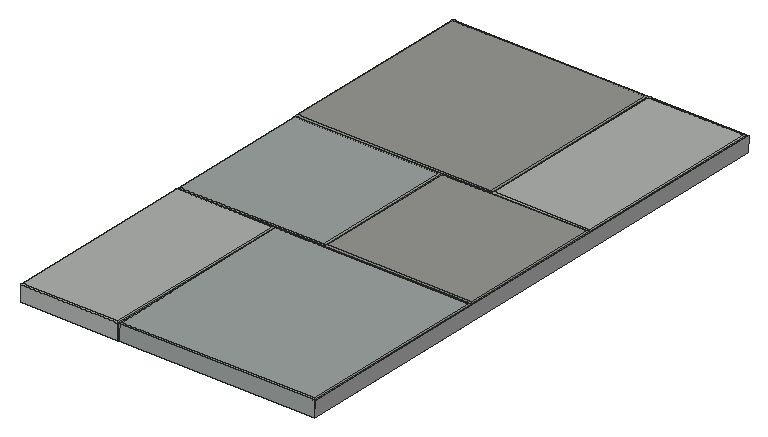
Revit family "Paver-Assembly-Calarc_Pavers-Stepstone-Small-Ashlar_Pattern-4", category Site, Revit 2019
Family settings
  Round Connector Dimension = Use Diameter
  Part Type = Normal
  Work Plane-Based = No
  Always vertical = Yes
  Cut with Voids When Loaded = No
  Shared = No
Parameters (values of type "1800 Color Option 3")
  URL = "stepstoneinc.com"
  Surface Finish = "Integral"  # constant formula
  Subcategory = "CalArc Pavers"  # constant formula
  Revit Object Download Link = "http://library.smartbim.com/download/Paver-Assembly-Calarc_Pavers-Stepstone-Small-Ashlar_Pattern-4"
  Product Page URL = "http://www.stepstoneinc.com/pavers-calarc-sizes.php"
  Paver C Pattern = Concrete - Stepstone - French1804
  Paver Block C = yes
  Paver Block B1 = yes
  Paver Block B = no
  Paver Block A = no
  Paver B Pattern = Concrete - Stepstone - Porcelain1813
  Paver A Pattern = Concrete - Stepstone - Granada1801
  Model = "Small Ashlar Pattern"  # constant formula
  Manufacturer Toll Free Phone = "800.572.9029"  # constant formula
  Manufacturer Phone = "310.327.7474"  # constant formula
  Manufacturer Fax = "310.217.1424"  # constant formula
  Manufacturer Email = "mailto:sales@stepstoneinc.com"
  Manufacturer Address = "13242 S Figueroa St, Los Angeles 90061"  # constant formula
  Manufacturer = "Stepstone, Inc"  # constant formula
  Description = "Small Ashlar Pattern Guide"  # constant formula
  95 CSI = ""
  04 CSI = ""
Types (8): name | Paver C Pattern | Paver Block C | Paver Block B1 | Paver Block B | Paver Block A | Paver B Pattern | Paver A Pattern
  (no name) | Concrete - Stepstone - Granada1801 | no | yes | yes | yes | Concrete - Stepstone - Granada1801 | Concrete - Stepstone - Almond1806
  1800 Color Option 1 | Concrete - Stepstone - Granada1801 | no | yes | yes | yes | Concrete - Stepstone - Granada1801 | Concrete - Stepstone - Almond1806
  1800 Color Option 2 | Concrete - Stepstone - Almond1806 | no | yes | yes | yes | Concrete - Stepstone - Almond1806 | Concrete - Stepstone - Kona1821
  1800 Color Option 3 | Concrete - Stepstone - French1804 | yes | yes | no | no | Concrete - Stepstone - Porcelain1813 | Concrete - Stepstone - Granada1801
  1800 Color Option 4 | Concrete - Stepstone - Granada1801 | yes | yes | no | no | Concrete - Stepstone - Kona1821 | Concrete - Stepstone - Pebble 1824
  1400 Color Option 1 | Concrete - Stepstone - Caramel1410 | yes | yes | no | no | Concrete - Stepstone - Granada1401 | Concrete - Stepstone - Kona1421
  1400 Color Option 2 | Concrete - Stepstone - Almond1406 | no | no | yes | yes | Concrete - Stepstone - Almond1406 | Concrete - Stepstone - Cafe1407
  1400 Color Option 3 | Concrete - Stepstone - Almond1406 | no | no | yes | yes | Concrete - Stepstone - Almond1406 | Concrete - Stepstone - Brick1416
Reference planes (in)
  plane 1 "Center (Front/Back)": y = 0
  plane 2: z = 0
  plane 3 "Center (Left/Right)": x = 0
  plane 4: y = 32.40804
  plane 5: y = -33.77946
  plane 6: x = -18.08545
  plane 7: x = 18.03955
Forms (in)
  Extrusion 1, solid, material "Grout - Dark Gray"
    sketch origin (1.97705, 0, 0) x (1, 0, 0) y (0, 0, 1)
      loop
        line (4, 0) -> (4.0459, 1.87815) -> (3.8916, 1.87815) -> (3.9375, 0) -> (4, 0)
    from -32.34554 to -8.34554
  Extrusion 2, solid, material "Grout - Dark Gray"
    sketch origin (1.97705, 0, 0) x (1, 0, 0) y (0, 0, 1)
      loop
        line (-1.9541, 1.87815) -> (-2.1084, 1.87815) -> (-2.0625, 0) -> (-2, 0) -> (-1.9541, 1.87815)
    from -8.28304 to 9.71696
  Extrusion 3, solid, material "Grout - Dark Gray"
    sketch origin (1.97705, 0, 0) x (1, 0, 0) y (0, 0, 1)
      loop
        line (-8, 0) -> (-7.9541, 1.87815) -> (-8.1084, 1.87815) -> (-8.0625, 0) -> (-8, 0)
    from 9.77946 to 33.77946
  Extrusion 4, solid, material "Grout - Dark Gray"
    sketch origin (1.97705, 0, 0) x (0, 1, 0) y (0, 0, 1)
      loop
        line (8.23713, 1.87815) -> (8.28304, 0) -> (8.34554, 0) -> (8.39144, 1.87815) -> (8.23713, 1.87815)
      loop
        line (-9.82537, 1.87815) -> (-9.77946, 0) -> (-9.71696, 0) -> (-9.67106, 1.87815) -> (-9.82537, 1.87815)
    from -20.0625 to 16
  Extrusion 5, solid, material "Grout - Dark Gray"
    sketch origin (1.97705, 0, 0) x (1, 0, 0) y (0, 0, 1)
      loop
        line (15.9541, 1.87815) -> (16, 0) -> (16.0625, 0) -> (16.1084, 1.87815) -> (15.9541, 1.87815)
    from -32.34554 to 33.77946
  Extrusion 6, solid, material "Grout - Dark Gray"
    sketch origin (1.97705, 0, 0) x (0, 1, 0) y (0, 0, 1)
      loop
        line (32.34554, 0) -> (32.40804, 0) -> (32.45394, 1.87815) -> (32.29963, 1.87815) -> (32.34554, 0)
    from -20.0625 to 16
  Blend 7, solid, material "Grout - Dark Gray"
    base sketch origin (1.97705, 0, 0) x (1, 0, 0) y (0, 1, 0)
      loop
        line (16, 32.34554) -> (16.0625, 32.34554) -> (16.0625, 32.40804) -> (16, 32.40804) -> (16, 32.34554)
    top sketch origin (1.97705, 0, 0) x (1, 0, 0) y (0, 1, 0)
      loop
        line (16, 32.34554) -> (16.1084, 32.34554) -> (16.1084, 32.45394) -> (16, 32.45394) -> (16, 32.34554)
    from 0 to 1.87815
Cuts and joins
  joined: Extrusion 1, Extrusion 2, Extrusion 3, Extrusion 4, Extrusion 5, Extrusion 6, Blend 7
Dimensions and locks (in)
  aligned and locked: plane 2 to level
  aligned and locked: Extrusion 4 to nested 1
  aligned and locked: nested 1 to Extrusion 6
Nested families (in)
  nested 1: "Paver-Stepstone-CalArc-12x24x2" at (11.97705, 20.34554, 0) x (0, 1, 0) z (0, 0, 1), Unit <- "Paver B Pattern", type "Standard"
    with Unit Concrete - Stepstone - Porcelain1813
  nested 2: "Paver-Large_Scale-Stepstone-CalArc-18X18X2" at (8.97705, -0.71696, 0), Unit <- "Paver A Pattern", type "Standard"
    with Unit Concrete - Stepstone - Granada1801
  nested 3: "Paver-Large_Scale-Stepstone-CalArc-24X24X2" at (5.97705, -21.77946, 0), Unit <- "Paver B Pattern", type "Standard 2"
    with Unit Concrete - Stepstone - Porcelain1813
  nested 4: "Paver-Stepstone-CalArc-12x24x2" at (-12.08545, -21.77946, 0) x (0, 1, 0) z (0, 0, 1), Unit <- "Paver A Pattern", type "Standard 2"
    with Unit Concrete - Stepstone - Granada1801
  nested 5: "Paver-Large_Scale-Stepstone-CalArc-18X18X2" at (-9.08545, -0.71696, 0), Unit <- "Paver B Pattern", type "Standard 2"
    with Unit Concrete - Stepstone - Porcelain1813
  nested 6: "Paver-Large_Scale-Stepstone-CalArc-24X24X2" at (-6.08545, 20.34554, 0), Unit <- "Paver A Pattern", type "Standard"
    with Unit Concrete - Stepstone - Granada1801
  nested 7: "Paver-Large_Scale-Stepstone-CalArc-24X24X2" at (5.97705, -21.77946, 0), Unit <- "Paver C Pattern", type "Standard 3"
    with Unit Concrete - Stepstone - French1804
  nested 8: "Paver-Stepstone-CalArc-12x24x2" at (-12.08545, -21.77946, 0) x (0, 1, 0) z (0, 0, 1), Unit <- "Paver B Pattern", type "Standard 3"
    with Unit Concrete - Stepstone - Porcelain1813
  nested 9: "Paver-Large_Scale-Stepstone-CalArc-18X18X2" at (-9.08545, -0.71696, 0), Unit <- "Paver C Pattern", type "Standard 3"
    with Unit Concrete - Stepstone - French1804
Definition of nested family "Paver-Stepstone-CalArc-12x24x2"
  Parameters
    ecoScorecard data = ""
    ecoScorecard Product Page = ""
    Weight = 0.056 kip  # constant formula
    Warranty = "5 Year Limited"  # constant formula
    Unit [instance] = none
    URL = "stepstoneinc.com"
    Thickness = 2"  # constant formula
    Texture = "Sandblast"  # constant formula
    Technical Information = "http://www.stepstoneinc.com/docs/Stepstone_Product_Data_Sheet-California_Architectual_(CalArc)_Paver.pdf"
    Surface Finish = "Painted"  # constant formula
    Subcategory = "CalArc"  # constant formula
    Revit Object Download Link = "http://library.smartbim.com/download/Paver-Stepstone-CalArc-12x24x2"
    Product Page URL = "http://www.stepstoneinc.com/calarc-pavers.php"
    Product Name = "Large Scale CalArc Paver"  # constant formula
    Product Line = "Pavers"  # constant formula
    Paver Visibility = yes
    Nominal Width = 24"  # constant formula
    Nominal Length = 12"  # constant formula
    Model = "12In x 24In x 2In"  # constant formula
    Material = "Precast Concrete"  # constant formula
    Manufacturer Toll Free Phone = "800.572.9029"  # constant formula
    Manufacturer Phone = "310.327.7474"  # constant formula
    Manufacturer Fax = "310.217.1424"  # constant formula
    Manufacturer Email = "mailto:sales@stepstoneinc.com"
    Manufacturer Address = "13249 S Figueroa St, Los Angeles 90061"  # constant formula
    Manufacturer = "Stepstone, Inc"  # constant formula
    Maintenance URL = ""
    Installation URL = ""
    Description = "Precast Concrete Paver"  # constant formula
    Cost Info = ""
    Color Availability = "Standard & Custom"  # constant formula
    95 CSI = ""
    04 CSI = ""
  Reference planes (in)
    plane 1 "Center Front/Back": y = 0
    plane 2: z = 0
    plane 3 "Center Left/Right": x = 0
    plane 4: x = -12
    plane 5: x = 12
    plane 6: y = 6
    plane 7: y = -6
    plane 8: z = 2
  Dimensions and locks (in)
    equal spacing: plane 4, plane 3 "Center Left/Right", plane 5
    "Nominal Width": plane 4 to plane 5
    equal spacing: plane 7, plane 1 "Center Front/Back", plane 6
    "Nominal Length": plane 6 to plane 7
    plane 5 to plane 4 = 24"
    plane 6 to plane 7 = 12"
    "Thickness": plane 8 to level
    aligned and locked: level to plane 2
    aligned and locked: plane 3 "Center Left/Right" to nested 1
    aligned and locked: plane 1 "Center Front/Back" to nested 1
  Nested families (in)
    nested 1: "12X24X2" at (0, 0, 0), visible <- "Paver Visibility", type "12X24X2"
  Definition of nested family "12X24X2"
    Parameters
      Width = 24"
      Unit = none
      Depth = 12"
    Reference planes (in)
      plane 1 "Center (Front/Back)": y = 0
      plane 2: z = 0
      plane 3 "Center (Left/Right)": x = 0
      plane 4: x = -12
      plane 5: x = 12
      plane 6: y = 6
      plane 7: y = -6
    Forms (in)
      Sweep 1, solid, material <- "Unit"
        path origin (0, 0, 0) x (1, 0, 0) y (0, 1, 0)
          loop
            line (-12, 6) -> (-12, -6) -> (12, -6) -> (12, 6) -> (-12, 6)
        profile origin (0, 6, 0) x (0, 1, 0) y (0, 0, 1)
          loop
            line (0, 0) -> (-0.0459, 1.87815)
            arc (-0.0459, 1.87815) -> (-0.08353, 1.96449) -> (-0.17076, 2) r 0.1249
            line (-0.17076, 2) -> (-0.26501, 2) -> (-0.26501, 0) -> (0, 0)
      Extrusion 2, solid, material <- "Unit"
        sketch origin (0, 0, 0) x (1, 0, 0) y (0, 1, 0)
          loop
            line (-11.73499, 5.73499) -> (-11.73499, -5.73499) -> (11.73499, -5.73499) -> (11.73499, 5.73499) -> (-11.73499, 5.73499)
        from 0 to 2
    Cuts and joins
      joined: Sweep 1, Extrusion 2
    Dimensions and locks (in)
      equal spacing: plane 6, plane 1 "Center (Front/Back)", plane 7
      equal spacing: plane 4, plane 3 "Center (Left/Right)", plane 5
      "Width": plane 5 to plane 4
      "Depth": plane 6 to plane 7
      aligned and locked: plane 2 to level
    Automatic sketch dimensions
      plane 4 to Sweep 1 sketch curve = 0"
      Sweep 1 sketch curve to plane 5 = 0"
      plane 7 to Sweep 1 sketch curve = 0"
      Sweep 1 sketch curve to plane 6 = 0"
      plane 4 to Extrusion 2 sketch curve = 0.26501"
      Extrusion 2 sketch curve to plane 5 = 0.26501"
      plane 7 to Extrusion 2 sketch curve = 0.26501"
      Extrusion 2 sketch curve to plane 6 = 0.26501"
      Sweep 1 sketch curve to level = 0"
      Sweep 1 sketch curve to profile plane = 0"
      profile plane to Sweep 1 sketch curve = 0.0459"
      Sweep 1 sketch curve to Sweep 1 sketch curve = 0.12486"
      Sweep 1 sketch curve to Sweep 1 sketch curve = 0.09425"
      level to Sweep 1 sketch curve = 1.8751"
      Sweep 1 sketch curve to Sweep 1 sketch curve = 0.00305"
Definition of nested family "Paver-Large_Scale-Stepstone-CalArc-18X18X2"
  Parameters
    ecoScorecard data = ""
    ecoScorecard Product Page = ""
    Weight = 0.05 kip  # constant formula
    Warranty = "5 Year Limited"  # constant formula
    Unit [instance] = none
    URL = "stepstoneinc.com"
    Thickness = 2"  # constant formula
    Texture = "Sandblast"  # constant formula
    Technical Information = "http://www.stepstoneinc.com/docs/Stepstone_Product_Data_Sheet-Large_Scale_Narrow_Modular_Paver.pdf"
    Surface Finish = "Painted"  # constant formula
    Subcategory = "CalArc"  # constant formula
    Revit Object Download Link = "http://library.smartbim.com/download/Paver-Large_Scale-Stepstone-CalArc-18X18X2"
    Product Page URL = "http://www.stepstoneinc.com/calarc-pavers.php"
    Product Name = "Large Scale CalArc Paver"  # constant formula
    Product Line = "Pavers"  # constant formula
    Paver Visibility = yes
    Nominal Width = 18"  # constant formula
    Nominal Length = 18"  # constant formula
    Model = "18In x 18In x 2In"  # constant formula
    Material = "Precast Concrete"  # constant formula
    Manufacturer Toll Free Phone = "800.572.9029"  # constant formula
    Manufacturer Phone = "310.327.7474"  # constant formula
    Manufacturer Fax = "310.217.1424"  # constant formula
    Manufacturer Email = "mailto:sales@stepstoneinc.com"
    Manufacturer Address = "13251 S Figueroa St, Los Angeles 90061"  # constant formula
    Manufacturer = "Stepstone, Inc"  # constant formula
    Maintenance URL = ""
    Installation URL = ""
    Description = "Precast Concrete Paver"  # constant formula
    Cost Info = ""
    Color Availability = "Standard & Custom"  # constant formula
    95 CSI = ""
    04 CSI = ""
  Reference planes (in)
    plane 1 "Center Front/Back": y = 0
    plane 2: z = 0
    plane 3 "Center Left/Right": x = 0
    plane 4: x = -9
    plane 5: x = 9
    plane 6: y = 9
    plane 7: y = -9
    plane 8: z = 2
  Dimensions and locks (in)
    equal spacing: plane 4, plane 3 "Center Left/Right", plane 5
    "Nominal Width": plane 4 to plane 5
    equal spacing: plane 7, plane 1 "Center Front/Back", plane 6
    "Nominal Length": plane 6 to plane 7
    plane 5 to plane 4 = 18"
    plane 6 to plane 7 = 18"
    plane 8 to level = 2"
    aligned and locked: level to plane 2
    aligned and locked: plane 3 "Center Left/Right" to nested 1
    aligned and locked: plane 1 "Center Front/Back" to nested 1
  Nested families (in)
    nested 1: "18X18X2" at (0, 0, 0), visible <- "Paver Visibility", type "18X18X2"
  Definition of nested family "18X18X2"
    Parameters
      Width = 18"
      Unit = none
      Thickness = 2"
      Depth = 18"
    Reference planes (in)
      plane 1 "Center (Front/Back)": y = 0
      plane 2: z = 0
      plane 3 "Center (Left/Right)": x = 0
      plane 4: x = -9
      plane 5: x = 9
      plane 6: y = 9
      plane 7: y = -9
      plane 8: z = 2
    Forms (in)
      Sweep 1, solid, material <- "Unit"
        path origin (0, 0, 0) x (1, 0, 0) y (0, 1, 0)
          loop
            line (-9, 9) -> (-9, -9) -> (9, -9) -> (9, 9) -> (-9, 9)
        profile origin (0, 9, 0) x (0, 1, 0) y (0, 0, 1)
          loop
            line (0, 0) -> (-0.0459, 1.87815)
            arc (-0.0459, 1.87815) -> (-0.08353, 1.96449) -> (-0.17076, 2) r 0.1249
            line (-0.17076, 2) -> (-0.27723, 2) -> (-0.27723, 0) -> (0, 0)
      Extrusion 2, solid, material <- "Unit"
        sketch origin (0, 0, 0) x (1, 0, 0) y (0, 1, 0)
          loop
            line (-8.72277, 8.72277) -> (-8.72277, -8.72277) -> (8.72277, -8.72277) -> (8.72277, 8.72277) -> (-8.72277, 8.72277)
        from 0 to 2
    Cuts and joins
      joined: Sweep 1, Extrusion 2
    Dimensions and locks (in)
      equal spacing: plane 6, plane 1 "Center (Front/Back)", plane 7
      equal spacing: plane 4, plane 3 "Center (Left/Right)", plane 5
      "Width": plane 5 to plane 4
      "Depth": plane 6 to plane 7
      "Thickness": plane 8 to level
      aligned and locked: plane 2 to level
      aligned and locked: Sweep 1 sketch curve to plane 8
    Automatic sketch dimensions
      plane 4 to Sweep 1 sketch curve = 0"
      Sweep 1 sketch curve to plane 5 = 0"
      plane 7 to Sweep 1 sketch curve = 0"
      Sweep 1 sketch curve to plane 6 = 0"
      plane 4 to Extrusion 2 sketch curve = 0.27723"
      Extrusion 2 sketch curve to plane 5 = 0.27723"
      plane 7 to Extrusion 2 sketch curve = 0.27723"
      Extrusion 2 sketch curve to plane 6 = 0.27723"
      Sweep 1 sketch curve to level = 0"
      Sweep 1 sketch curve to profile plane = 0"
      profile plane to Sweep 1 sketch curve = 0.0459"
      Sweep 1 sketch curve to Sweep 1 sketch curve = 0.12486"
      Sweep 1 sketch curve to Sweep 1 sketch curve = 0.10647"
      Sweep 1 sketch curve to Sweep 1 sketch curve = 0.00305"
Definition of nested family "Paver-Large_Scale-Stepstone-CalArc-24X24X2"
  Parameters
    ecoScorecard data = ""
    ecoScorecard Product Page = ""
    Weight = 0.088 kip  # constant formula
    Warranty = "5 Year Limited"  # constant formula
    Unit [instance] = none
    URL = "stepstoneinc.com"
    Thickness = 2"  # constant formula
    Texture = "Sandblast"  # constant formula
    Technical Information = "http://www.stepstoneinc.com/docs/Stepstone_Product_Data_Sheet-Large_Scale_Narrow_Modular_Paver.pdf"
    Surface Finish = "Painted"  # constant formula
    Subcategory = "Large Scale CalArc"  # constant formula
    Revit Object Download Link = "http://library.smartbim.com/download/Paver-Large_Scale-Stepstone-CalArc-24X24X2"
    Product Page URL = "http://www.stepstoneinc.com/large-scale-narrow-modular-pavers.php"
    Product Name = "Large Scale CalArc Paver"  # constant formula
    Product Line = "Pavers"  # constant formula
    Paver Visibility = yes
    Nominal Width = 24"  # constant formula
    Nominal Length = 24"  # constant formula
    Model = "24In x 24In x 2In"  # constant formula
    Material = "Precast Concrete"  # constant formula
    Manufacturer Toll Free Phone = "800.572.9029"  # constant formula
    Manufacturer Phone = "310.327.7474"  # constant formula
    Manufacturer Fax = "310.217.1424"  # constant formula
    Manufacturer Email = "mailto:sales@stepstoneinc.com"
    Manufacturer Address = "13254 S Figueroa St, Los Angeles 90061"  # constant formula
    Manufacturer = "Stepstone, Inc"  # constant formula
    Maintenance URL = ""
    Installation URL = ""
    Description = "Precast Concrete Paver"  # constant formula
    Cost Info = ""
    Color Availability = "Standard & Custom"  # constant formula
    95 CSI = ""
    04 CSI = ""
  Reference planes (in)
    plane 1 "Center Front/Back": y = 0
    plane 2: z = 0
    plane 3 "Center Left/Right": x = 0
    plane 4: x = -12
    plane 5: x = 12
    plane 6: y = 12
    plane 7: y = -12
    plane 8: z = 2
  Dimensions and locks (in)
    equal spacing: plane 4, plane 3 "Center Left/Right", plane 5
    "Nominal Width": plane 4 to plane 5
    equal spacing: plane 7, plane 1 "Center Front/Back", plane 6
    "Nominal Length": plane 6 to plane 7
    plane 5 to plane 4 = 24"
    plane 6 to plane 7 = 24"
    plane 8 to level = 2"
    aligned and locked: level to plane 2
    aligned and locked: plane 3 "Center Left/Right" to nested 1
    aligned and locked: plane 1 "Center Front/Back" to nested 1
  Nested families (in)
    nested 1: "24X24X2" at (0, 0, 0), visible <- "Paver Visibility", type "24X24X2"
  Definition of nested family "24X24X2"
    Parameters
      Width = 24"
      Unit = none
      Thickness = 2"
      Depth = 24"
    Reference planes (in)
      plane 1 "Center (Front/Back)": y = 0
      plane 2: z = 0
      plane 3 "Center (Left/Right)": x = 0
      plane 4: x = -12
      plane 5: x = 12
      plane 6: y = 12
      plane 7: y = -12
      plane 8: z = 2
    Forms (in)
      Sweep 1, solid, material <- "Unit"
        path origin (0, 0, 0) x (1, 0, 0) y (0, 1, 0)
          loop
            line (-12, 12) -> (-12, -12) -> (12, -12) -> (12, 12) -> (-12, 12)
        profile origin (0, 12, 0) x (0, 1, 0) y (0, 0, 1)
          loop
            line (0, 0) -> (-0.0459, 1.87815)
            arc (-0.0459, 1.87815) -> (-0.08353, 1.96449) -> (-0.17076, 2) r 0.1249
            line (-0.17076, 2) -> (-0.27723, 2) -> (-0.27723, 0) -> (0, 0)
      Extrusion 2, solid, material <- "Unit"
        sketch origin (0, 0, 0) x (1, 0, 0) y (0, 1, 0)
          loop
            line (-11.72277, 11.72277) -> (-11.72277, -11.72277) -> (11.72277, -11.72277) -> (11.72277, 11.72277) -> (-11.72277, 11.72277)
        from 0 to 2
    Cuts and joins
      joined: Sweep 1, Extrusion 2
    Dimensions and locks (in)
      equal spacing: plane 6, plane 1 "Center (Front/Back)", plane 7
      equal spacing: plane 4, plane 3 "Center (Left/Right)", plane 5
      "Width": plane 5 to plane 4
      "Depth": plane 6 to plane 7
      "Thickness": plane 8 to level
      aligned and locked: plane 2 to level
      aligned and locked: Sweep 1 sketch curve to plane 8
    Automatic sketch dimensions
      plane 4 to Sweep 1 sketch curve = 0"
      Sweep 1 sketch curve to plane 5 = 0"
      plane 7 to Sweep 1 sketch curve = 0"
      Sweep 1 sketch curve to plane 6 = 0"
      plane 4 to Extrusion 2 sketch curve = 0.27723"
      Extrusion 2 sketch curve to plane 5 = 0.27723"
      plane 7 to Extrusion 2 sketch curve = 0.27723"
      Extrusion 2 sketch curve to plane 6 = 0.27723"
      Sweep 1 sketch curve to level = 0"
      Sweep 1 sketch curve to profile plane = 0"
      profile plane to Sweep 1 sketch curve = 0.0459"
      Sweep 1 sketch curve to Sweep 1 sketch curve = 0.12486"
      Sweep 1 sketch curve to Sweep 1 sketch curve = 0.10647"
      Sweep 1 sketch curve to Sweep 1 sketch curve = 0.00305"
